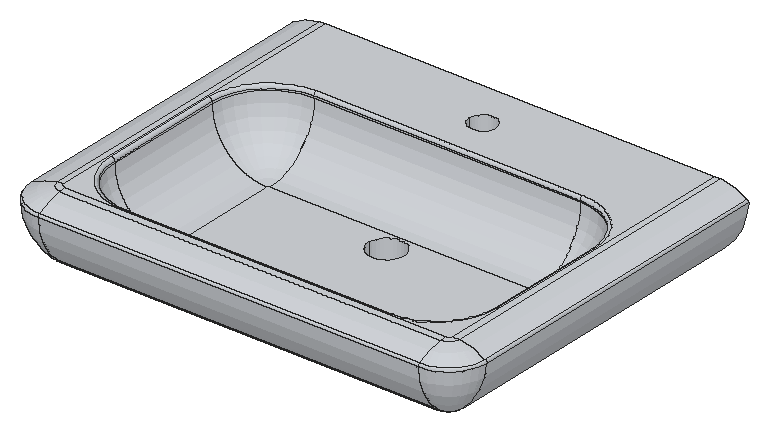
Revit family "NLRS_74_PF_UN_wastafel_S8311100000_SPHINX_BCB", category Plumbing Fixtures, Revit 2016
Family settings
  Part Type = Normal
  Round Connector Dimension = Use Radius
  OmniClass Number = 23.45.00.00
  OmniClass Title = Sanitary, Laundry, and Cleaning Equipment
  Work Plane-Based = No
  Always vertical = Yes
  Cut with Voids When Loaded = No
  Shared = No
  Room Calculation Point = No
Parameters
  NLRS_C_type = "Wastafel met kraangat en overloop"
  NLRS_C_serie = "365"
  NLRS_C_revit_versie = "2016"
  NLRS_C_content_versie = "2.0"
  NLRS_C_content_provider = "BouwConnect"
  NLRS_C_content_datum_uitgifte = "APR-2018"
  NLRS_C_content_datum_gewijzigd = "APR-2018"
  NLRS_C_content_creator = "BouwConnect"
  NLRS_C_URL_product_data = "http://www.sphinx.nl/producten/wastafels-%7C-fonteinen/wastafels/sphinx-365-%7C-wastafel-60-cm/29736/"
  afvoer_radius = 23.5 mm
  WFU = 0
  URL = "http://www.sphinx.nl/"
  Type Comments = ""
  NLRS_S_gewicht = 19.00 kg
  NLRS_C_materiaal = none
  NLRS_C_lengte = 480 mm
  NLRS_C_hoogte = 155 mm
  NLRS_C_diameter_uit = 45 mm
  NLRS_C_diameter_in = 35 mm
  NLRS_C_breedte = 600 mm
  Model = ""
  Manufacturer = "Sphinx"
  Keynote = ""
  IfcTypeProduct = "IfcSanitaryTerminalType"
  IfcExportType = "SINK"
  IfcExportAs = "IfcSanitaryTerminalTypeEnum"
  IfcElement = "IfcFlowTerminal"
  NLRS_C_code_EAN = "8711754411470"
  Description = "wastafel"
  NLRS_C_URL_BCB = "http://bcb-online.nl/?zoekterm=Sphinx+++%5bGeberit+B.V.%5d"
  Assembly Code = "47.11"
Reference planes
  plane 1 "Center (Front/Back)": y = 0
  plane 2: z = 0
  plane 3 "Center (Left/Right)": x = 0
Forms (mm)
  Revolve 1, solid, detail levels medium+fine
    sketch origin (2042.5, -220, 0) x (-1, 0, 0) y (0, 0, -1)
      loop
        line (2009.844, 153.175) -> (2008.25, 135) -> (2019, 135) -> (2019, 155) -> (2011.836, 155)
        arc (2011.836, 155) -> (2010.485, 154.475) -> (2009.844, 153.175) r 2
      axis (2042.5, 155) -> (2042.5, 135)
    angle from 0 to 360
  Extrusion 2, void, detail levels medium+fine
    sketch origin (42.5, 70, 0) x (-1, 0, 0) y (0, -1, 0)
      loop
        circle (42.5, 290) r 23.5
    from -180 to 32.616
  Extrusion 3, void, detail levels medium+fine
    sketch origin (-605, 3293.5, 0) x (-1, 0, 0) y (0, -1, 0)
      loop
        arc (-430, 3487) -> (-428.939, 3487.439) -> (-428.5, 3488.5) r 1.5
        line (-428.5, 3488.5) -> (-428.5, 3648.5)
        arc (-428.5, 3648.5) -> (-428.939, 3649.561) -> (-430, 3650) r 1.5
        line (-430, 3650) -> (-780, 3650)
        arc (-780, 3650) -> (-781.061, 3649.561) -> (-781.5, 3648.5) r 1.5
        line (-781.5, 3648.5) -> (-781.5, 3488.5)
        arc (-781.5, 3488.5) -> (-781.061, 3487.439) -> (-780, 3487) r 1.5
        line (-780, 3487) -> (-430, 3487)
    from -78.988 to 30
  Sweep 4, void, detail levels medium+fine
    path origin (-860, 5000, 0) x (1, 0, 0) y (0, 1, 0)
      loop
        arc (610, -5355) -> (631.967, -5408.033) -> (685, -5430) r 75
        line (685, -5430) -> (1035, -5430)
        arc (1035, -5430) -> (1088.033, -5408.033) -> (1110, -5355) r 75
        line (1110, -5355) -> (1110, -5195)
        arc (1110, -5195) -> (1088.033, -5141.967) -> (1035, -5120) r 75
        line (1035, -5120) -> (685, -5120)
        arc (685, -5120) -> (631.967, -5141.967) -> (610, -5195) r 75
        line (610, -5195) -> (610, -5355)
    profile origin (-250, -275, 0) x (-1, 0, 0) y (0, 0, 1)
      loop
        arc (0, -4) -> (1.172, -1.172) -> (4, 0) r 4
        line (4, 0) -> (5, 0) -> (5, 24) -> (-74, 24) -> (-74, -78.988) -> (-73, -78.988)
        arc (-73, -78.988) -> (-21.381, -57.607) -> (0, -5.988) r 73
        line (0, -5.988) -> (0, -4)
  Extrusion 5, solid, detail levels coarse
    sketch origin (5.559, -6.761, 0) x (1, 0, 0) y (0, 1, 0)
      loop
        line (-305.561, 6.761) -> (-305.561, -438.239)
        arc (-305.561, -438.239) -> (-293.846, -466.523) -> (-265.561, -478.239) r 40
        line (-265.561, -478.239) -> (254.439, -478.239)
        arc (254.439, -478.239) -> (282.723, -466.523) -> (294.439, -438.239) r 40
        line (294.439, -438.239) -> (294.439, 6.761) -> (-305.561, 6.761)
    from -89.999 to 0
  Extrusion 6, void, detail levels coarse
    sketch origin (-1330.755, 123.699, 0) x (1, 0, 0) y (0, 1, 0)
      loop
        arc (1130.911, -243.699) -> (1095.556, -258.344) -> (1080.911, -293.699) r 50
        line (1080.911, -293.699) -> (1080.911, -493.699)
        arc (1080.911, -493.699) -> (1095.556, -529.055) -> (1130.911, -543.699) r 50
        line (1130.911, -543.699) -> (1530.911, -543.699)
        arc (1530.911, -543.699) -> (1566.266, -529.055) -> (1580.911, -493.699) r 50
        line (1580.911, -493.699) -> (1580.911, -293.699)
        arc (1580.911, -293.699) -> (1566.266, -258.344) -> (1530.911, -243.699) r 50
        line (1530.911, -243.699) -> (1130.911, -243.699)
    from -85 to 100
  Sweep 7, solid, detail levels medium+fine
    path origin (2000, 0, 0) x (1, 0, 0) y (0, 1, 0)
      loop
        line (-1700.002, 0) -> (-1700.002, -430)
        arc (-1700.002, -430) -> (-1714.647, -465.355) -> (-1750.002, -480) r 50
        line (-1750.002, -480) -> (-2250.002, -480)
        arc (-2250.002, -480) -> (-2285.357, -465.355) -> (-2300.002, -430) r 50
        line (-2300.002, -430) -> (-2300.002, 0)
    profile origin (-0.002, -480, 0) x (0, -1, 0) y (0, 0, 1)
      loop
        line (-49, -80) -> (-33.068, -80)
        arc (-33.068, -80) -> (-31.63, -79.733) -> (-30.384, -78.966) r 4
        arc (-30.384, -78.966) -> (-9.069, -50.429) -> (-0.115, -15.953) r 92.513
        arc (-0.115, -15.953) -> (-0.58, -13.827) -> (-2.089, -12.259) r 4
        arc (-2.089, -12.259) -> (-18.523, -4.716) -> (-36.118, -0.544) r 91.726
        arc (-36.118, -0.544) -> (-40.156, -0.136) -> (-44.213, 0) r 60.549
        line (-44.213, 0) -> (-49, 0) -> (-49, -80)
  Extrusion 8, solid, detail levels medium+fine
    sketch origin (2000, 0, 0) x (1, 0, 0) y (0, 1, 0)
      loop
        line (-2254.789, 0) -> (-2254.789, -430)
        arc (-2254.789, -430) -> (-2253.387, -433.385) -> (-2250.002, -434.787) r 4.787
        line (-2250.002, -434.787) -> (-1750.002, -434.787)
        arc (-1750.002, -434.787) -> (-1746.617, -433.385) -> (-1745.215, -430) r 4.787
        line (-1745.215, -430) -> (-1745.215, 0) -> (-2254.789, 0)
    from -80 to 0
  Sweep 9, solid, detail levels medium+fine
    path origin (0.001, 55, 0) x (1, 0, 0) y (0, 1, 0)
      loop
        line (150.999, -55) -> (150.999, -341.109)
        arc (150.999, -341.109) -> (139.284, -369.394) -> (110.999, -381.109) r 40
        line (110.999, -381.109) -> (-111.001, -381.109)
        arc (-111.001, -381.109) -> (-139.285, -369.394) -> (-151.001, -341.109) r 40
        line (-151.001, -341.109) -> (-151.001, -55)
    profile origin (-151, -143.055, 0) x (-1, 0, 0) y (0, 0, 1)
      loop
        arc (1, -134.996) -> (3.746, -134.612) -> (6.281, -133.488) r 10
        arc (6.281, -133.488) -> (35.735, -109.891) -> (58.791, -80.011) r 158.829
        line (58.791, -80.011) -> (0, -80.011) -> (0, -134.996) -> (1, -134.996)
  Extrusion 10, solid, detail levels medium+fine
    sketch origin (0.001, 55, 0) x (1, 0, 0) y (0, 1, 0)
      loop
        line (-151.001, -55) -> (-151.001, -341.109)
        arc (-151.001, -341.109) -> (-139.285, -369.394) -> (-111.001, -381.109) r 40
        line (-111.001, -381.109) -> (110.999, -381.109)
        arc (110.999, -381.109) -> (139.284, -369.394) -> (150.999, -341.109) r 40
        line (150.999, -341.109) -> (150.999, -55) -> (-151.001, -55)
    from -135 to -80
  Extrusion 11, void, detail levels medium+fine
    sketch origin (0, 0, 0) x (0, 1, 0) y (0, 0, 1)
      loop
        arc (-107.399, -80) -> (-125.062, -114.726) -> (-155.484, -139.065) r 92.26
        line (-155.484, -139.065) -> (-155.484, -152.318) -> (0, -152.318) -> (0, -105.5) -> (-25.314, -105.5) -> (-26.205, -80) -> (-107.399, -80)
    from -350 to 350
  Extrusion 12, solid, not visible
    sketch origin (-23.5, 0, 0) x (1, 0, 0) y (0, 1, 0)
      loop
        circle (23.5, -220) r 23.5
    from -155 to -153
  Extrusion 13, void
    sketch origin (-1315.647, 93.683, 0) x (1, 0, 0) y (0, 1, 0)
      loop
        circle (1315.647, -155.683) r 17.5
    from -20 to 10
Cuts and joins
  Extrusion 6 cuts Extrusion 5
  Extrusion 2, Extrusion 3, Sweep 4, Extrusion 13 cuts Sweep 7
  Extrusion 2, Extrusion 3, Sweep 4, Extrusion 13 cuts Extrusion 8
  Extrusion 2, Extrusion 3, Extrusion 11, Extrusion 13 cuts Sweep 9
  Extrusion 2, Extrusion 3, Extrusion 11, Extrusion 13 cuts Extrusion 10
  joined: Sweep 7, Extrusion 8, Sweep 9, Extrusion 10
Dimensions and locks
  aligned and locked: level to plane 2
Connectors
  piping at (0, -220, -155), diameter 47, driven by "WFU", driven by "afvoer_radius"
    settings: on Extrusion 12, index 1, connector inside diameter 47 mm, connector length 0 mm, flow factor 0, pipe flow 0.0 L/s, pressure drop 0.0 Pa, fitting loss kfactor 0, connector angle 0.00°, fixture units 0, engagement length 0 mm, angle of deflection 0.00°, flow configuration 3, flow direction 2, fitting loss method 0, system type 16, joint type 0, gender type 0, connector reference index -1, connector utility 0, adjustable connector no, is connector primary yes, connector description "out"
